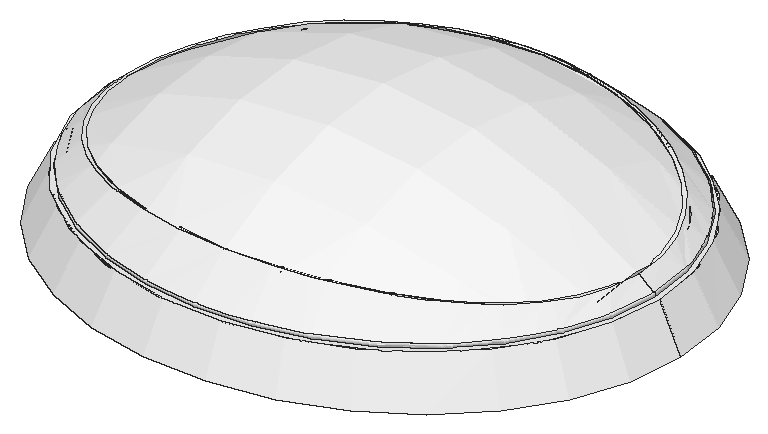
Revit family "4063803 Feilo Sylvania Lighting Fixtures BRIO IP65VR LED 3K WH  G2", category Lighting Fixtures, host Face, Revit 2017
Family settings
  Host = Face
  Round Connector Dimension = Use Diameter
  Part Type = Normal
  OmniClass Number = 23.80.70.00
  OmniClass Title = Lighting
  Cut with Voids When Loaded = No
  Light Source = Yes
  Shared = No
  Room Calculation Point = No
Parameters (values of type "4063803 BRIO IP65VR LED 3K WH  G2 High Output High Output")
  Weight = "3.0 kg"
  Wattage Comments = "n/a"
  Wattage = 17 W
  WarrantyStartDate [instance] = "n/a"
  WarrantyGuarantorParts = "n/a"
  WarrantyDurationUnit = "n/a"
  WarrantyDurationParts = "n/a"
  WarrantyDescription = "n/a"
  built-in parameter 1150110 = 1 (stored number, unit not read)
  Voltage = 230 V
  URL = "http://www.sylvania-lighting.com"
  TypeName = "BRIO IP65VR LED 3K WH  G2"
  Type Image = <None>
  Type Comments = "n/a"
  built-in parameter 1114217 = 1 (stored number, unit not read)
  Tilt Angle = -90.00°
  built-in parameter 1150109 = 1 (stored number, unit not read)
  built-in parameter 1150134 = (empty or 0)
  built-in parameter 1150113 = 1 (stored number, unit not read)
  SerialNumber [instance] = "n/a"
  ReflectorMaterial = none
  PowerFactor = 0.98
  PowerConsumption = "17 W"
  Photometric Web File = "4063803-HO.ies"
  NominalLength = 104 mm
  NominalHeight = 440 mm
  NominalDepth = 390 mm
  Name = "BRIO IP65VR LED 3K WH  G2"
  ModelReference = Name  # "BRIO IP65VR LED 3K WH  G2"
  ModelNumber = "4063803"
  Model = Name  # "BRIO IP65VR LED 3K WH  G2"
  Material = "aluminium body, polycarbonate diffuser"
  ManufacturerName = "Feilo Sylvania"
  Manufacturer = "Feilo Sylvania"
  LuminousEfficacy = "74 lm/W"
  built-in parameter 1150105 = 100.11 (stored number, unit not read)
  Lumens = 1258 lm
  LuminaireType = ""
  built-in parameter 1150115 = 1 (stored number, unit not read)
  LightOutputRatio = "100"
  built-in parameter 1150137 = (empty or 0)
  built-in parameter 1150139 = (empty or 0)
  LampsType = Lamp  # "LED"
  LampNominalLuminous = "1266 lm"
  LampMacAdamStep = "n/a"
  LampColourTemperature = "3000 K"
  LampColourRenderingIndex = "80"
  built-in parameter 1150112 = 1 (stored number, unit not read)
  built-in parameter 1150114 = 1 (stored number, unit not read)
  Lamp = "LED"
  Keynote = "16500"
  InstallationDate [instance] = "n/a"
  InputVoltage = "230-240V~"
  InputNominalFrequency = "50/60 Hz"
  built-in parameter 1150132 = (empty or 0)
  built-in parameter 1150102 = (empty or 0)
  built-in parameter 1150107 = 3000 (stored number, unit not read)
  built-in parameter 1150138 = (empty or 0)
  IngressProtection = "IP65"
  ImpactProtectionIndex = "IK10"
  built-in parameter 1150106 = 1.0011 (stored number, unit not read)
  IfcExportType = "IfcLightFixtureType"
  IfcExportAs = "IfcLightFixtureType"
  ExpectedLife = 50000
  Emit from Circle Diameter = 300 mm
  Emit Shape Visible in Rendering = no
  ElectricShockClassification = "Class I"
  built-in parameter 1150104 = 6.8748 (stored number, unit not read)
  DurationUnit = "hours"
  DocumentationLiterature = "http://www.sylvania-lighting.com/product/en-int/products/4063803"
  DimmingControlOptions = "n/a"
  Dimming Lamp Color Temperature Shift = <None>
  DiffuserMaterial = Diffuser-Sylvania-BrioIP65VR-Opal
  Description = "Led exterior bulkhead, Unique feature allowing a choice between High Output or High Efficiency with the flick of a switch, die-cast aluminium body,  vandal resistant, 665/1266LM, 9/17W, 74/74lm/W, 3000K, Driver Current: 350/750mA, CRI80, Non dimmable, IP55,IK10, 50,000hrs (L70), (HxWxD) 358 x 408 x 104mm, 3kg, 3 step MacAdam ellipse,  RAL 9016, Class 1, 230V,  energy class: A++, A+, A"
  Default Elevation = 1219.2 mm
  CreatedOn = "23/11/2017"
  CreatedBy = ""
  Cost = 0
  Color Filter = 16777215
  built-in parameter 1114216 [instance] = (empty or 0)
  ClassificationValue = "EF_70_80"
  ClassificationName = "Uniclass2015"
  BodyMaterial = Body-Sylvania-BrioIP65VR-White
  BarCode [instance] = "n/a"
  built-in parameter 1114218 = 1 (stored number, unit not read)
  built-in parameter 1150133 = 10 (stored number, unit not read)
  AssetType = "Fixed"
  AssetIdentifier [instance] = "n/a"
  Assembly Code = "D5020200"
  Apparent Load = 17 VA
  AccessoryMaterial = none
Types (2, lengths in mm): name | Wattage | PowerConsumption | Photometric Web File | built-in parameter 1150105 | Lumens | LampNominalLuminous | built-in parameter 1150106 | Apparent Load
  4063803 BRIO IP65VR LED 3K WH  G2 High Output High Output | 17 W | "17 W" | "4063803-HO.ies" | 100.11 (stored number, unit not read) | 1258 lm | "1266 lm" | 1.0011 (stored number, unit not read) | 17 VA
  4063803 BRIO IP65VR LED 3K WH  G2 High Efficiency High Efficiency | 9 W | "9 W" | "4063803-HE.ies" | 52.999 (stored number, unit not read) | 666 lm | "665 lm" | 0.52999 (stored number, unit not read) | 9 VA
Reference planes
  plane 1 "Center (Front/Back)": y = 0
  plane 2: z = 0
  plane 3 "Center (Left/Right)": x = 0
  plane 4: x = 220
  plane 5: x = -220
  plane 6: y = 195
  plane 7: y = -195
  plane 8: z = 104
  plane 9: z = 32.5
  plane 10: z = 60
  plane 11: x = -172.7
  plane 12: x = -203.7
  plane 13: z = 45
  plane 14: y = -147.7
  plane 15: y = 147.7
  plane 16: z = 58.9
  plane 17: y = 146.8
  plane 18: y = -146.8
  plane 19: y = -148.7
  plane 20: y = 148.7
  plane 21: x = -193.7
Forms (mm)
  Blend 1, solid, material "Body-Sylvania-BrioIP65VR-White" <- "BodyMaterial"
    base sketch origin (0, 0, 0) x (1, 0, 0) y (0, 1, 0)
      loop
        spline (-220, 0) -> (-212.504, -50.47) -> (-190.526, -97.5) -> (-155.563, -137.886) -> (-110, -168.875) -> (-56.94, -188.356) -> (0, -195) -> (56.94, -188.356) -> (110, -168.875) -> (155.563, -137.886) -> (190.526, -97.5) -> (212.504, -50.47) -> (220, 0)
        spline (220, 0) -> (212.504, 50.47) -> (190.526, 97.5) -> (155.563, 137.886) -> (110, 168.875) -> (56.94, 188.356) -> (0, 195) -> (-56.94, 188.356) -> (-110, 168.875) -> (-155.563, 137.886) -> (-190.526, 97.5) -> (-212.504, 50.47) -> (-220, 0)
    top sketch origin (0, 0, 0) x (1, 0, 0) y (0, 1, 0)
      loop
        spline (-203.75, 0) -> (-196.807, -46.329) -> (-176.453, -89.5) -> (-144.073, -126.572) -> (-101.875, -155.019) -> (-52.734, -172.901) -> (0, -179) -> (52.734, -172.901) -> (101.875, -155.019) -> (144.073, -126.572) -> (176.453, -89.5) -> (196.807, -46.329) -> (203.75, 0)
        spline (203.75, 0) -> (196.807, 46.329) -> (176.453, 89.5) -> (144.073, 126.572) -> (101.875, 155.019) -> (52.734, 172.901) -> (0, 179) -> (-52.734, 172.901) -> (-101.875, 155.019) -> (-144.073, 126.572) -> (-176.453, 89.5) -> (-196.807, 46.329) -> (-203.75, 0)
    from 0 to 32.5
  Sweep 2, solid, material "Body-Sylvania-BrioIP65VR-White" <- "BodyMaterial"
    path in 3D
      loop
        spline (203.75, 0, 32.5) -> (196.807, -46.329, 32.5) -> (176.453, -89.5, 32.5) -> (144.073, -126.572, 32.5) -> (101.875, -155.019, 32.5) -> (52.734, -172.901, 32.5) -> (0, -179, 32.5) -> (-52.734, -172.901, 32.5) -> (-101.875, -155.019, 32.5) -> (-144.073, -126.572, 32.5) -> (-176.453, -89.5, 32.5) -> (-196.807, -46.329, 32.5) -> (-203.75, 0, 32.5)
        spline (-203.75, 0, 32.5) -> (-196.807, 46.329, 32.5) -> (-176.453, 89.5, 32.5) -> (-144.073, 126.572, 32.5) -> (-101.875, 155.019, 32.5) -> (-52.734, 172.901, 32.5) -> (0, 179, 32.5) -> (52.734, 172.901, 32.5) -> (101.875, 155.019, 32.5) -> (144.073, 126.572, 32.5) -> (176.453, 89.5, 32.5) -> (196.807, 46.329, 32.5) -> (203.75, 0, 32.5)
    profile origin (-203.75, 0, 32.5) x (-1, 0, 0) y (0, 0, 1)
      loop
        line (-31.05, 27.5) -> (-32.113, 26.437) -> (-10.05, 6.897) -> (-10.05, 1.5) -> (-31.05, 1.5) -> (-31.05, 0) -> (-5.172, 0)
        arc (-5.172, 0) -> (-3.338, 1.266) -> (-3.872, 3.429) r 1.961
        line (-3.872, 3.429) -> (-31.05, 27.5)
  Extrusion 3, void
    sketch origin (0, 0, 0) x (0, 1, 0) y (0, 0, 1)
      loop
        arc (-148.7, 60) -> (0, 45) -> (148.7, 60) r 744.556
        line (148.7, 60) -> (-148.7, 60)
    from -220 to 220
  Sweep 4, solid, material "Diffuser-Sylvania-BrioIP65VR-Opal" <- "DiffuserMaterial"
    path in 3D
      loop
        arc (0, 146.8, 58.9) -> (0, 0, 104) -> (0, -146.8, 58.9) r 261.466
    profile origin (0, 0, 104) x (0, 0, -1) y (1, 0, 0)
      loop
        line (59, -187.374) -> (61.459, -185.655)
        arc (61.459, -185.655) -> (3, 0) -> (61.459, 185.655) r 324.034
        line (61.459, 185.655) -> (59, 187.374)
        arc (59, 187.374) -> (0, 0) -> (59, -187.374) r 327.034
  Extrusion 5, void
    sketch origin (0, 0, 0) x (1, 0, 0) y (0, 1, 0)
      loop
        spline (-193.7, 0) -> (-187.1, -38.486) -> (-167.749, -74.35) -> (-136.967, -105.147) -> (-96.85, -128.778) -> (-50.133, -143.633) -> (0, -148.7) -> (50.133, -143.633) -> (96.85, -128.778) -> (136.967, -105.147) -> (167.749, -74.35) -> (187.1, -38.486) -> (193.7, 0)
        spline (193.7, 0) -> (187.1, 38.486) -> (167.749, 74.35) -> (136.967, 105.147) -> (96.85, 128.778) -> (50.133, 143.633) -> (0, 148.7) -> (-50.133, 143.633) -> (-96.85, 128.778) -> (-136.967, 105.147) -> (-167.749, 74.35) -> (-187.1, 38.486) -> (-193.7, 0)
      loop
        line (-203.7, 195) -> (-203.7, -195) -> (220, -195) -> (220, 195) -> (-203.7, 195)
    from 0 to 60
Cuts and joins
  Extrusion 3 cuts Sweep 2
  Extrusion 5 cuts Sweep 4
Lines and regions (mm)
  sketch lines
    curve 1: spline (-203.75, 0, 32.5) -> (-196.807, 46.329, 32.5) -> (-176.453, 89.5, 32.5) -> (-144.073, 126.572, 32.5) -> (-101.875, 155.019, 32.5) -> (-52.734, 172.901, 32.5) -> (0, 179, 32.5) -> (52.734, 172.901, 32.5) -> (101.875, 155.019, 32.5) -> (144.073, 126.572, 32.5) -> (176.453, 89.5, 32.5) -> (196.807, 46.329, 32.5) -> (203.75, 0, 32.5)
    curve 2: spline (203.75, 0, 32.5) -> (196.807, -46.329, 32.5) -> (176.453, -89.5, 32.5) -> (144.073, -126.572, 32.5) -> (101.875, -155.019, 32.5) -> (52.734, -172.901, 32.5) -> (0, -179, 32.5) -> (-52.734, -172.901, 32.5) -> (-101.875, -155.019, 32.5) -> (-144.073, -126.572, 32.5) -> (-176.453, -89.5, 32.5) -> (-196.807, -46.329, 32.5) -> (-203.75, 0, 32.5)
    curve 4: arc (0, 146.8, 58.9) -> (0, 0, 104) -> (0, -146.8, 58.9) r 261.466
  reference lines
    curve 3: arc (0, 146.8, 58.9) -> (0, 0, 104) -> (0, -146.8, 58.9) r 261.466
Dimensions and locks
  equal spacing: plane 5, plane 3 "Center (Left/Right)", plane 4
  locked: plane 5 to plane 4 at 440
  equal spacing: plane 7, plane 1 "Center (Front/Back)", plane 6
  locked: plane 7 to plane 6 at 390
  locked: plane 8 to plane 2 at 104
  plane 9 to plane 2 = 32.5 mm
  locked: Blend 1 sketch curve to Blend 1 sketch curve at 195
  locked: Blend 1 sketch curve to Blend 1 sketch curve at 220
  locked: Blend 1 sketch curve to Blend 1 sketch curve at 203.75
  locked: Blend 1 sketch curve to Blend 1 sketch curve at 179
  locked: plane 10 to plane 9 at 27.5
  locked: plane 12 to plane 5 at 16.3
  locked: plane 11 to plane 5 at 47.3
  locked: plane 10 to plane 13 at 15
  equal spacing: plane 14, plane 1 "Center (Front/Back)", plane 15
  locked: plane 7 to plane 14 at 47.3
  locked: Sweep 2 sketch curve to Sweep 2 sketch curve at 1.5
  locked: Sweep 2 sketch curve to plane 9 at 1.5
  locked: plane 16 to plane 10 at 1.1
  equal spacing: plane 18, plane 1 "Center (Front/Back)", plane 17
  locked: plane 14 to plane 18 at 0.9
  locked: plane 2 to curve 3 at 157.466
  equal spacing: plane 19, plane 1 "Center (Front/Back)", plane 20
  locked: plane 19 to plane 14 at 1
  locked: Extrusion 3 sketch curve to plane 2 at 789.556
  locked: plane 21 to plane 12 at 10
  aligned and locked: plane 2 to host face
  aligned and locked: level to host face
  aligned and locked: plane 3 "Center (Left/Right)" to Blend 1 sketch curve  (x2)
  aligned and locked: plane 1 "Center (Front/Back)" to Blend 1 sketch curve  (x4)
  aligned and locked: Blend 1 to plane 9
  aligned and locked: Sweep 2 sketch curve to profile plane
  aligned and locked: plane 4 to Extrusion 3
  aligned and locked: plane 10 to Sweep 2 sketch curve
  aligned and locked: plane 17 to curve 3
  aligned and locked: plane 16 to curve 3  (x2)
  aligned and locked: plane 18 to curve 3
  aligned and locked: plane 13 to Sweep 4 sketch curve
  aligned and locked: plane 10 to Extrusion 3 sketch curve
  aligned and locked: plane 20 to Extrusion 3 sketch curve
  aligned and locked: plane 19 to Extrusion 3 sketch curve
  aligned and locked: plane 1 "Center (Front/Back)" to Extrusion 3 sketch curve
  aligned and locked: Extrusion 3 to plane 5
  aligned and locked: imposter light to plane 8
  aligned and locked: plane 3 "Center (Left/Right)" to imposter light
  aligned and locked: imposter light to plane 1 "Center (Front/Back)"
  aligned and locked: plane 21 to Sweep 2 sketch curve
  aligned and locked: Sweep 2 sketch curve to plane 21
  aligned and locked: plane 3 "Center (Left/Right)" to Extrusion 5 sketch curve
  aligned and locked: plane 1 "Center (Front/Back)" to Extrusion 5 sketch curve  (x2)
  aligned and locked: plane 6 to Extrusion 5 sketch curve
  aligned and locked: Extrusion 5 sketch curve to plane 7
  aligned and locked: Extrusion 5 sketch curve to plane 4
  aligned and locked: plane 12 to Extrusion 5 sketch curve
  aligned and locked: Extrusion 5 to level
  aligned and locked: Extrusion 5 to plane 10
Automatic sketch dimensions
  host sketch curve to host sketch curve = 2438.4 mm  (x2)
  Sweep 4 sketch curve to Sweep 4 sketch curve = 0 mm  (x2)
  Sweep 4 sketch curve to profile plane = 0 mm
  Sweep 4 sketch curve to Sweep 4 sketch curve = 2.459 mm  (x2)
  Sweep 4 sketch curve to Sweep 4 sketch curve = 265.575 mm
  Sweep 4 sketch curve to profile plane = 185.655 mm
  Sweep 4 sketch curve to Sweep 4 sketch curve = 1.719 mm
  Sweep 4 sketch curve to profile plane = 59 mm
  Sweep 2 sketch curve to Sweep 2 sketch curve = 21 mm
  Sweep 2 sketch curve to Sweep 2 sketch curve = 0 mm
  profile plane to Sweep 2 sketch curve = 26.437 mm
  Sweep 2 sketch curve to Sweep 2 sketch curve = 1.063 mm
  profile plane to Sweep 2 sketch curve = 1.961 mm
  profile plane to Sweep 2 sketch curve = 3.429 mm
  Extrusion 5 sketch curve to plane 21 = 0 mm
Connectors
  electrical at (0, 0, 0), driven by "Apparent Load", driven by "PowerFactor", driven by "Voltage"
    settings: index 1, voltage 230 V, apparent load 17 VA, apparent load phase1 0 VA, apparent load phase2 0 VA, apparent load phase3 0 VA, power factor 0.98, load classification "Lighting", number of poles 1, system type 30, power factor state 1, is connector primary yes, connector utility no, sub classification motor no, connector description ""
